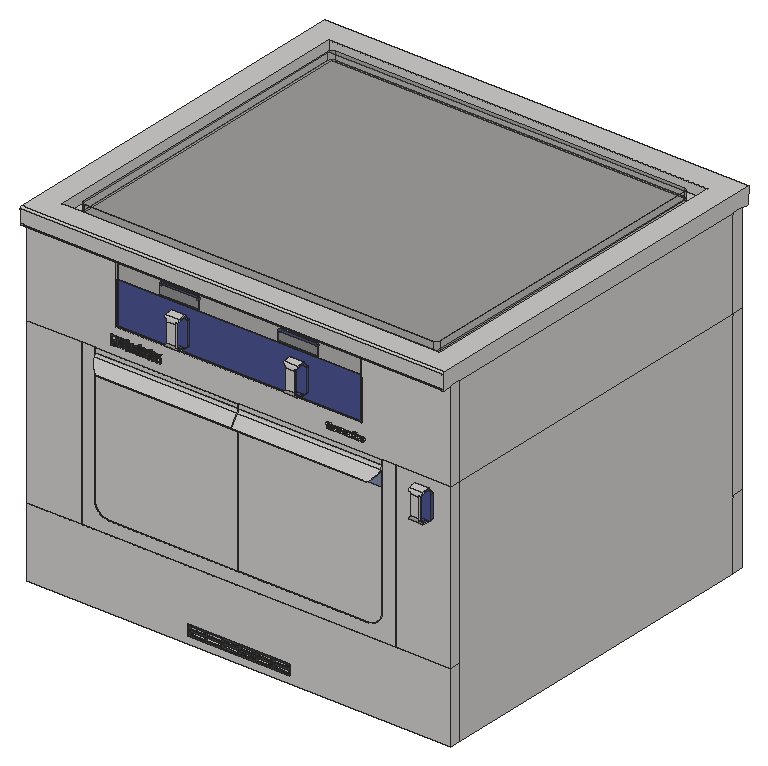
Revit family "QF_ELECTROLUXPROFESSIONAL_589676_MCIRFCJ4AO", category Attrezzature speciali, Revit 2020 (continued)
Definition of nested family "Front_Panel_W1000_2 Knobs"
  Definition of nested family "ELX_Professional_Logo_Small"
    Forms (mm)
      Extrusion 2, solid, material <- "Material_Logo"
        sketch origin (15.5, 0, 0) x (1, 0, 0) y (0, 1, 0)
          loop
            spline (-20.635, 1.669) -> (-20.584, 0.889) -> (-20.433, 0.149) -> (-20.19, -0.545) -> (-19.862, -1.187) -> (-19.455, -1.774) -> (-18.976, -2.299) -> (-18.43, -2.758) -> (-17.826, -3.145) -> (-17.169, -3.454) -> (-16.467, -3.682) -> (-15.725, -3.823) -> (-14.951, -3.871)
            spline (-14.951, -3.871) -> (-14.564, -3.86) -> (-14.184, -3.826) -> (-13.809, -3.77) -> (-13.44, -3.689) -> (-13.078, -3.583) -> (-12.723, -3.451) -> (-12.375, -3.292) -> (-12.035, -3.105) -> (-11.703, -2.89) -> (-11.38, -2.646) -> (-11.065, -2.371) -> (-10.76, -2.066)
            line (-10.76, -2.066) -> (-12.295, -0.468)
            spline (-12.295, -0.468) -> (-12.474, -0.643) -> (-12.659, -0.805) -> (-12.85, -0.953) -> (-13.048, -1.087) -> (-13.254, -1.206) -> (-13.467, -1.311) -> (-13.69, -1.4) -> (-13.921, -1.475) -> (-14.162, -1.533) -> (-14.414, -1.575) -> (-14.677, -1.6) -> (-14.951, -1.609)
            spline (-14.951, -1.609) -> (-15.398, -1.581) -> (-15.823, -1.497) -> (-16.223, -1.362) -> (-16.596, -1.179) -> (-16.937, -0.95) -> (-17.243, -0.678) -> (-17.512, -0.367) -> (-17.739, -0.02) -> (-17.921, 0.36) -> (-18.055, 0.771) -> (-18.138, 1.208) -> (-18.167, 1.669)
          loop
            spline (-4.441, -1.243) -> (-4.659, -1.247) -> (-4.894, -1.23) -> (-5.137, -1.19) -> (-5.384, -1.121) -> (-5.628, -1.021) -> (-5.864, -0.884) -> (-6.084, -0.708) -> (-6.283, -0.488) -> (-6.454, -0.219) -> (-6.592, 0.101) -> (-6.69, 0.478) -> (-6.742, 0.914)
            line (-6.742, 0.914) -> (-6.742, 4.587) -> (-4.487, 4.587) -> (-4.487, 6.838) -> (-6.738, 6.838) -> (-6.738, 10.824) -> (-9.217, 10.824) -> (-9.217, 0.773)
            spline (-9.217, 0.773) -> (-9.164, 0.19) -> (-9.068, -0.358) -> (-8.928, -0.87) -> (-8.742, -1.343) -> (-8.511, -1.777) -> (-8.232, -2.168) -> (-7.904, -2.515) -> (-7.527, -2.816) -> (-7.098, -3.069) -> (-6.618, -3.273) -> (-6.084, -3.426) -> (-5.496, -3.525)
            line (-5.496, -3.525) -> (-4.45, -3.573) -> (-4.441, -1.243)
          loop
            spline (3.898, 6.983) -> (3.469, 7.009) -> (3.056, 7.001) -> (2.661, 6.961) -> (2.283, 6.888) -> (1.925, 6.785) -> (1.588, 6.652) -> (1.272, 6.49) -> (0.979, 6.301) -> (0.71, 6.085) -> (0.465, 5.844) -> (0.247, 5.578) -> (0.056, 5.289)
            line (0.056, 5.289) -> (0.056, 6.838) -> (-2.402, 6.838) -> (-2.402, -3.572) -> (0.056, -3.572) -> (0.056, 1.901)
            spline (0.056, 1.901) -> (0.079, 2.316) -> (0.145, 2.703) -> (0.254, 3.06) -> (0.404, 3.386) -> (0.592, 3.679) -> (0.818, 3.938) -> (1.08, 4.162) -> (1.375, 4.348) -> (1.703, 4.495) -> (2.062, 4.602) -> (2.45, 4.668) -> (2.865, 4.69)
            line (2.865, 4.69) -> (3.898, 4.586) -> (3.898, 6.983)
          loop
            spline (15.638, 1.633) -> (15.586, 2.396) -> (15.435, 3.124) -> (15.192, 3.81) -> (14.863, 4.449) -> (14.455, 5.034) -> (13.975, 5.56) -> (13.43, 6.021) -> (12.826, 6.411) -> (12.17, 6.724) -> (11.469, 6.955) -> (10.729, 7.098) -> (9.958, 7.147)
            spline (9.958, 7.147) -> (9.182, 7.098) -> (8.44, 6.955) -> (7.737, 6.724) -> (7.081, 6.411) -> (6.477, 6.021) -> (5.933, 5.56) -> (5.454, 5.034) -> (5.048, 4.449) -> (4.721, 3.81) -> (4.479, 3.124) -> (4.329, 2.396) -> (4.277, 1.633)
            spline (4.277, 1.633) -> (4.329, 0.869) -> (4.479, 0.141) -> (4.721, -0.544) -> (5.048, -1.183) -> (5.454, -1.768) -> (5.933, -2.294) -> (6.477, -2.755) -> (7.081, -3.145) -> (7.737, -3.459) -> (8.44, -3.69) -> (9.182, -3.833) -> (9.958, -3.882)
            spline (9.958, -3.882) -> (10.729, -3.833) -> (11.469, -3.69) -> (12.17, -3.459) -> (12.826, -3.145) -> (13.43, -2.755) -> (13.975, -2.294) -> (14.455, -1.768) -> (14.863, -1.183) -> (15.192, -0.544) -> (15.435, 0.141) -> (15.586, 0.869) -> (15.638, 1.633)
          loop
            spline (13.18, 1.633) -> (13.151, 2.083) -> (13.067, 2.513) -> (12.932, 2.918) -> (12.748, 3.296) -> (12.52, 3.642) -> (12.251, 3.954) -> (11.943, 4.227) -> (11.601, 4.459) -> (11.228, 4.645) -> (10.828, 4.782) -> (10.403, 4.867) -> (9.958, 4.896)
            spline (9.958, 4.896) -> (9.509, 4.867) -> (9.081, 4.782) -> (8.679, 4.645) -> (8.306, 4.459) -> (7.964, 4.227) -> (7.658, 3.954) -> (7.39, 3.642) -> (7.163, 3.296) -> (6.981, 2.918) -> (6.847, 2.513) -> (6.765, 2.083) -> (6.736, 1.633)
            spline (6.736, 1.633) -> (6.765, 1.182) -> (6.847, 0.753) -> (6.981, 0.347) -> (7.163, -0.031) -> (7.39, -0.377) -> (7.658, -0.689) -> (7.964, -0.962) -> (8.306, -1.193) -> (8.679, -1.38) -> (9.081, -1.517) -> (9.509, -1.602) -> (9.958, -1.631)
            spline (9.958, -1.631) -> (10.403, -1.602) -> (10.828, -1.517) -> (11.228, -1.38) -> (11.601, -1.193) -> (11.943, -0.962) -> (12.251, -0.689) -> (12.52, -0.377) -> (12.748, -0.031) -> (12.932, 0.347) -> (13.067, 0.753) -> (13.151, 1.182) -> (13.18, 1.633)
          loop
            line (17.162, 4.269) -> (17.162, -3.573) -> (19.642, -3.573) -> (19.642, 10.824) -> (17.162, 10.824) -> (17.162, 4.269)
          loop
            line (28.581, 6.838) -> (28.581, 0.786)
            spline (28.581, 0.786) -> (28.561, 0.393) -> (28.503, 0.038) -> (28.409, -0.279) -> (28.281, -0.559) -> (28.122, -0.802) -> (27.933, -1.011) -> (27.717, -1.185) -> (27.476, -1.325) -> (27.213, -1.433) -> (26.929, -1.509) -> (26.626, -1.554) -> (26.308, -1.569)
            spline (26.308, -1.569) -> (25.99, -1.554) -> (25.688, -1.509) -> (25.404, -1.434) -> (25.141, -1.326) -> (24.9, -1.187) -> (24.684, -1.014) -> (24.496, -0.807) -> (24.336, -0.565) -> (24.209, -0.288) -> (24.115, 0.026) -> (24.057, 0.376) -> (24.037, 0.765)
            line (24.037, 0.765) -> (24.037, 6.838) -> (21.537, 6.838) -> (21.537, 0.558)
            spline (21.537, 0.558) -> (21.581, -0.153) -> (21.71, -0.8) -> (21.916, -1.384) -> (22.195, -1.904) -> (22.54, -2.362) -> (22.944, -2.757) -> (23.403, -3.09) -> (23.909, -3.362) -> (24.456, -3.572) -> (25.04, -3.722) -> (25.652, -3.811) -> (26.288, -3.841)
            spline (26.288, -3.841) -> (26.929, -3.811) -> (27.547, -3.72) -> (28.135, -3.568) -> (28.687, -3.355) -> (29.197, -3.079) -> (29.66, -2.741) -> (30.068, -2.341) -> (30.415, -1.877) -> (30.696, -1.349) -> (30.905, -0.757) -> (31.034, -0.101) -> (31.079, 0.621)
            line (31.079, 0.621) -> (31.079, 6.838) -> (28.581, 6.838)
          loop
            line (40.457, -0.243) -> (38.894, 1.942) -> (40.83, 4.579) -> (42.488, 6.837) -> (39.782, 6.837) -> (37.53, 3.719) -> (35.258, 6.837) -> (32.573, 6.837) -> (34.113, 4.731) -> (36.167, 1.922) -> (34.014, -1.076) -> (32.222, -3.573) -> (34.887, -3.573) -> (37.53, 0.104) -> (40.174, -3.573) -> (42.839, -3.573) -> (40.457, -0.243)
          loop
            line (-46.121, -5.837) -> (-48.039, -5.837) -> (-48.039, -10.814) -> (-47.016, -10.814) -> (-47.016, -9.128) -> (-46.121, -9.128)
            arc (-46.121, -9.128) -> (-44.476, -7.482) -> (-46.121, -5.837) r 1.645
          loop
            line (-46.163, -6.778) -> (-47.016, -6.778) -> (-47.016, -8.187) -> (-46.163, -8.187)
            arc (-46.163, -8.187) -> (-45.458, -7.482) -> (-46.163, -6.778) r 0.704
          loop
            line (-38.313, -5.837) -> (-40.265, -5.837) -> (-40.265, -10.814) -> (-39.241, -10.814) -> (-39.241, -9.1) -> (-38.46, -9.182) -> (-37.48, -10.814) -> (-36.318, -10.814) -> (-37.513, -8.848)
            arc (-37.513, -8.848) -> (-36.888, -8.266) -> (-36.671, -7.441) r 1.536
            arc (-36.671, -7.441) -> (-37.165, -6.305) -> (-38.313, -5.837) r 1.643
          loop
            arc (-38.402, -8.166) -> (-37.707, -7.505) -> (-38.334, -6.778) r 0.696
            line (-38.334, -6.778) -> (-39.241, -6.778) -> (-39.241, -8.166) -> (-38.402, -8.166)
          loop
            circle (-29.965, -8.325) r 2.585
          loop
            circle (-29.965, -8.325) r 1.64
          loop
            line (-23.1, -5.837) -> (-23.1, -10.814) -> (-22.076, -10.814) -> (-22.076, -8.768) -> (-20.204, -8.768) -> (-20.204, -7.828) -> (-22.076, -7.828) -> (-22.076, -6.778) -> (-20.024, -6.778) -> (-20.024, -5.837) -> (-23.1, -5.837)
          loop
            line (-15.802, -5.837) -> (-15.802, -9.2)
            arc (-15.802, -9.2) -> (-15.343, -10.34) -> (-14.209, -10.814) r 1.593
            line (-14.209, -10.814) -> (-12.602, -10.814) -> (-12.602, -10.027) -> (-14.004, -10.027)
            arc (-14.004, -10.027) -> (-14.552, -9.8) -> (-14.779, -9.252) r 0.775
            line (-14.779, -9.252) -> (-14.779, -8.424) -> (-12.789, -8.424) -> (-12.789, -7.642) -> (-14.779, -7.642) -> (-14.779, -6.778) -> (-12.651, -6.778) -> (-12.651, -5.837) -> (-15.802, -5.837)
          loop
            line (-5.909, -7.143) -> (-5.173, -6.638)
            arc (-5.173, -6.638) -> (-5.855, -5.974) -> (-6.781, -5.755) r 1.782
            arc (-6.781, -5.755) -> (-7.397, -5.878) -> (-7.944, -6.189) r 1.974
            arc (-7.944, -6.189) -> (-8.202, -6.5) -> (-8.317, -6.888) r 1.013
            arc (-8.317, -6.888) -> (-8.306, -7.341) -> (-8.192, -7.78) r 1.985
            arc (-8.192, -7.78) -> (-7.749, -8.259) -> (-7.171, -8.563) r 1.928
            arc (-7.171, -8.563) -> (-6.637, -8.779) -> (-6.131, -9.056) r 5.041
            arc (-6.131, -9.056) -> (-5.934, -9.387) -> (-6.09, -9.74) r 0.42
            arc (-6.09, -9.74) -> (-6.631, -9.96) -> (-7.204, -9.845) r 1.016
            arc (-7.204, -9.845) -> (-7.625, -9.603) -> (-7.889, -9.196) r 1.033
            line (-7.889, -9.196) -> (-8.67, -9.686)
            arc (-8.67, -9.686) -> (-8.361, -10.198) -> (-7.908, -10.589) r 1.914
            arc (-7.908, -10.589) -> (-7.334, -10.834) -> (-6.714, -10.896) r 2.063
            arc (-6.714, -10.896) -> (-5.947, -10.743) -> (-5.256, -10.376) r 2.696
            arc (-5.256, -10.376) -> (-4.95, -9.565) -> (-5.108, -8.712) r 1.618
            arc (-5.108, -8.712) -> (-5.448, -8.319) -> (-5.884, -8.035) r 1.876
            arc (-5.884, -8.035) -> (-6.434, -7.789) -> (-6.999, -7.577) r 9.883
            arc (-6.999, -7.577) -> (-7.325, -7.07) -> (-6.854, -6.694) r 0.45
            arc (-6.854, -6.694) -> (-6.329, -6.809) -> (-5.909, -7.143) r 1.197
          loop
            line (1.61, -7.143) -> (2.345, -6.638)
            arc (2.345, -6.638) -> (1.663, -5.974) -> (0.737, -5.755) r 1.782
            arc (0.737, -5.755) -> (0.121, -5.878) -> (-0.425, -6.189) r 1.974
            arc (-0.425, -6.189) -> (-0.683, -6.5) -> (-0.799, -6.888) r 1.013
            arc (-0.799, -6.888) -> (-0.788, -7.341) -> (-0.674, -7.78) r 1.985
            arc (-0.674, -7.78) -> (-0.231, -8.259) -> (0.347, -8.563) r 1.928
            arc (0.347, -8.563) -> (0.881, -8.779) -> (1.387, -9.056) r 5.041
            arc (1.387, -9.056) -> (1.584, -9.387) -> (1.428, -9.74) r 0.42
            arc (1.428, -9.74) -> (0.887, -9.96) -> (0.314, -9.845) r 1.016
            arc (0.314, -9.845) -> (-0.107, -9.603) -> (-0.371, -9.196) r 1.033
            line (-0.371, -9.196) -> (-1.152, -9.686)
            arc (-1.152, -9.686) -> (-0.842, -10.198) -> (-0.39, -10.589) r 1.914
            arc (-0.39, -10.589) -> (0.184, -10.834) -> (0.804, -10.896) r 2.063
            arc (0.804, -10.896) -> (1.572, -10.743) -> (2.263, -10.376) r 2.696
            arc (2.263, -10.376) -> (2.568, -9.565) -> (2.411, -8.712) r 1.618
            arc (2.411, -8.712) -> (2.07, -8.319) -> (1.635, -8.035) r 1.876
            arc (1.635, -8.035) -> (1.084, -7.789) -> (0.519, -7.577) r 9.883
            arc (0.519, -7.577) -> (0.193, -7.07) -> (0.665, -6.694) r 0.45
            arc (0.665, -6.694) -> (1.189, -6.809) -> (1.61, -7.143) r 1.197
          loop
            line (6.801, -5.837) -> (6.801, -10.814) -> (7.825, -10.814) -> (7.825, -5.837) -> (6.801, -5.837)
          loop
            circle (14.724, -8.325) r 1.548
          loop
            circle (14.724, -8.325) r 2.585
          loop
            line (21.59, -10.814) -> (22.623, -10.814) -> (22.623, -7.685) -> (24.9, -10.814) -> (25.895, -10.814) -> (25.895, -5.837) -> (24.861, -5.837) -> (24.861, -9.061) -> (22.585, -5.837) -> (21.59, -5.837) -> (21.59, -10.814)
          loop
            line (31.054, -10.814) -> (31.539, -9.74) -> (33.38, -9.74) -> (33.865, -10.814) -> (34.965, -10.814) -> (32.46, -5.837) -> (29.956, -10.814) -> (31.054, -10.814)
          loop
            line (32.46, -7.698) -> (31.999, -8.719) -> (32.921, -8.719) -> (32.46, -7.698)
          loop
            line (40.047, -9.873) -> (40.047, -5.837) -> (39.024, -5.837) -> (39.024, -10.814) -> (41.961, -10.814) -> (41.961, -9.873) -> (40.047, -9.873)
          loop
            line (-74.986, -10.814) -> (-53.322, -10.814) -> (-53.322, 10.82) -> (-74.986, 10.82) -> (-74.986, -10.814)
          loop
            line (-61.261, 9.758) -> (-61.261, -9.707)
            arc (-61.261, -9.707) -> (-54.066, 0.025) -> (-61.261, 9.758) r 10.18
          loop
            line (-62.251, 8.349) -> (-62.251, 9.758)
            arc (-62.251, 9.758) -> (-70.347, 7.918) -> (-74.247, 0.59) r 9.976
            line (-74.247, 0.59) -> (-71.026, 0.59)
            arc (-71.026, 0.59) -> (-65.274, 2.925) -> (-62.251, 8.349) r 9.351
          loop
            arc (-74.247, -0.539) -> (-70.353, -7.928) -> (-62.251, -9.957) r 10.237
            line (-62.251, -9.957) -> (-62.251, -8.298)
            arc (-62.251, -8.298) -> (-65.274, -2.874) -> (-71.026, -0.539) r 9.351
            line (-71.026, -0.539) -> (-74.247, -0.539)
        from 0 to 1.644
    Dimensions and locks
      aligned and locked: plane 2 to Extrusion 1
      aligned and locked: level to Extrusion 1
Definition of nested family "H450H2W1000_2DOOR"
  Parameters
    Width [instance] = 680 mm
    Wdoor [instance] = Width / 2  # 340 mm
    Show Clearance [instance] = yes
    Model = "727995"
    Height = 450 mm
    Default Elevation = 0 mm
  Reference planes
    plane 1 "Center (Front/Back)": y = 0
    plane 2: z = 0
    plane 3 "Center (Left/Right)": x = 36.042
    plane 4 "panel": z = 25
    plane 5: x = -303.958
    plane 6: x = 376.042
    plane 7: y = 450
    plane 8: z = 340
    plane 9: z = 45
  Forms (mm)
    Extrusion 1, solid
      sketch origin (0, -919.2, 0) x (1, 0, 0) y (0, 1, 0)
        loop
          line (-980.5, 2119.2) -> (-980.5, -162.846) -> (881.94, -162.846) -> (881.94, 2119.2) -> (-980.5, 2119.2)
      from 0 to -59.546
    Extrusion 2, solid
      sketch origin (0, 0, 0) x (1, 0, 0) y (0, 1, 0)
        loop
          line (374.042, 393) -> (37.042, 393) -> (37.042, 97) -> (344.042, 97)
          arc (344.042, 97) -> (365.255, 105.787) -> (374.042, 127) r 30
          line (374.042, 127) -> (374.042, 393)
        loop
          arc (-301.958, 127) -> (-293.171, 105.787) -> (-271.958, 97) r 30
          line (-271.958, 97) -> (35.042, 97) -> (35.042, 393) -> (-301.958, 393) -> (-301.958, 127)
      from 0 to 25
    Extrusion 3, solid
      sketch origin (0, 0, 0) x (1, 0, 0) y (0, 1, 0)
        loop
          line (-301.958, 393) -> (35.042, 393) -> (35.042, 440) -> (-301.958, 440) -> (-301.958, 393)
        loop
          line (37.042, 440) -> (37.042, 393) -> (374.042, 393) -> (374.042, 440) -> (37.042, 440)
      from 0 to 25
    Extrusion 4, solid
      sketch origin (5.581, 79.805, 0) x (1, 0, 0) y (0, 1, 0)
        loop
          line (-307.539, 360.195) -> (29.461, 360.195) -> (29.461, 370.195) -> (-307.539, 370.195) -> (-307.539, 360.195)
        loop
          line (31.461, 370.195) -> (31.461, 360.195) -> (368.461, 360.195) -> (368.461, 370.195) -> (31.461, 370.195)
      from 0 to 25
    Extrusion 5, solid
      sketch origin (36.042, 0, 0) x (0, 1, 0) y (0, 0, 1)
        loop
          line (426.693, 25) -> (440.02, 25)
          arc (440.02, 25) -> (435.261, 25.775) -> (430.993, 28.02) r 15
          line (430.993, 28.02) -> (406.653, 46.362) -> (403.644, 42.369) -> (426.693, 25)
      from 1 to 338
    Extrusion 6, solid
      sketch origin (36.042, 0, 0) x (0, 1, 0) y (0, 0, 1)
        loop
          line (426.693, 25) -> (440.02, 25)
          arc (440.02, 25) -> (435.261, 25.775) -> (430.993, 28.02) r 15
          line (430.993, 28.02) -> (406.653, 46.362) -> (403.644, 42.369) -> (426.693, 25)
      from -338 to -1
    Extrusion 7, void
      sketch origin (0, 0, 0) x (1, 0, 0) y (0, 1, 0)
        loop
          arc (374.042, 426.693) -> (364.508, 412.772) -> (350.317, 403.644) r 42.603
          line (350.317, 403.644) -> (374.042, 403.644) -> (374.042, 426.693)
      from 0 to 47.9
    Extrusion 8, void
      sketch origin (72.084, 0, 0) x (-1, 0, 0) y (0, -1, 0)
        loop
          line (374.042, -426.693) -> (374.042, -403.644) -> (350.317, -403.644)
          arc (350.317, -403.644) -> (364.508, -412.772) -> (374.042, -426.693) r 42.603
      from 0 to 47.9
    Extrusion 9, solid, detail levels coarse
      sketch origin (0, 0, 0) x (1, 0, 0) y (0, 0, 1)
        loop
          arc (36.231, 25) -> (-56.085, 247.873) -> (-278.958, 340.189) r 315.189
          line (-278.958, 340.189) -> (-278.958, 25) -> (36.231, 25)
      from -450 to -97
    Extrusion 10, solid, detail levels coarse
      sketch origin (0, 0, 0) x (1, 0, 0) y (0, 0, 1)
        loop
          arc (351.042, 340) -> (128.303, 247.739) -> (36.042, 25) r 315
          line (36.042, 25) -> (351.042, 25) -> (351.042, 340)
      from -450 to -97
  Cuts and joins
    Extrusion 8 cuts Extrusion 6
    Extrusion 7 cuts Extrusion 5
  Lines and regions (mm)
    symbolic lines
      curve 1: line (376.042, 0, 45) -> (376.042, 0, 340)
      curve 2: line (351.042, 0, 45) -> (351.042, 0, 340)
      curve 3: line (376.042, 0, 340) -> (351.042, 0, 340)
      curve 4: line (-303.958, 0, 45) -> (-303.958, 0, 340)
      curve 5: line (-278.958, 0, 45) -> (-278.958, 0, 340)
      curve 6: line (-303.958, 0, 340) -> (-278.958, 0, 340)
      curve 7: arc (351.042, 0, 340) -> (135.522, 0, 254.731) -> (36.683, 0, 45.088) r 315
      curve 8: arc (35.407, 0, 44.997) -> (-63.405, 0, 254.7) -> (-278.958, 0, 340) r 315
  Dimensions and locks
    plane 4 "panel" to level = 25 mm
    "Width": plane 5 to plane 6
    equal spacing: plane 5, plane 3 "Center (Left/Right)", plane 6
    "Height": plane 1 "Center (Front/Back)" to plane 7
    locked: plane 5 to Extrusion 2 sketch curve at 2
    locked: Extrusion 2 sketch curve to plane 6 at 2
    locked: plane 1 "Center (Front/Back)" to Extrusion 2 sketch curve at 97
    locked: plane 7 to Extrusion 2 sketch curve at 57
    locked: Extrusion 2 sketch curve to plane 3 "Center (Left/Right)" at 1
    locked: plane 3 "Center (Left/Right)" to Extrusion 2 sketch curve at 1
    Extrusion 3 sketch curve to Extrusion 2 = 47 mm
    "Wdoor": plane 8 to level
    locked: curve 2 to curve 1 at 25
    locked: curve 5 to curve 4 at 25
    plane 4 "panel" to plane 9 = 20 mm
    aligned and locked: plane 2 to Extrusion 1
    aligned and locked: level to Extrusion 1
    aligned and locked: plane 4 "panel" to Extrusion 2
    aligned and locked: Extrusion 2 to Extrusion 3 sketch curve
    aligned and locked: Extrusion 3 sketch curve to Extrusion 2  (x2)
    aligned and locked: Extrusion 3 sketch curve to Extrusion 3 sketch curve
    aligned and locked: plane 4 "panel" to Extrusion 3
    aligned and locked: Extrusion 4 sketch curve to Extrusion 4 sketch curve
    aligned and locked: Extrusion 4 sketch curve to Extrusion 3  (x3)
    aligned and locked: Extrusion 3 to Extrusion 4 sketch curve
    aligned and locked: Extrusion 4 sketch curve to plane 7
    aligned and locked: Extrusion 3 to Extrusion 5
    aligned and locked: Extrusion 5 to Extrusion 3
    aligned and locked: Extrusion 6 to Extrusion 3
    aligned and locked: Extrusion 3 to Extrusion 6
    aligned and locked: Extrusion 7 sketch curve to Extrusion 5
    aligned and locked: Extrusion 8 to Extrusion 6
    aligned and locked: Extrusion 4 to Extrusion 8
    aligned and locked: Extrusion 2 to Extrusion 7
    aligned and locked: Extrusion 7 to Extrusion 5
    aligned and locked: Extrusion 4 to Extrusion 3  (x2)
    aligned and locked: Extrusion 3 to Extrusion 2
    aligned and locked: Extrusion 4 to Extrusion 2
    aligned and locked: curve 3 to plane 8
    aligned and locked: curve 1 to plane 6
    aligned and locked: curve 4 to plane 5
    aligned and locked: Extrusion 9 sketch curve to plane 4 "panel"
    aligned and locked: Extrusion 10 sketch curve to curve 7
    aligned and locked: Extrusion 10 sketch curve to curve 2
    aligned and locked: Extrusion 2 to Extrusion 9
    aligned and locked: Extrusion 2 to Extrusion 10
    aligned and locked: plane 7 to Extrusion 9
    aligned and locked: Extrusion 3 to Extrusion 4
  Automatic sketch dimensions
    Extrusion 1 sketch curve to Extrusion 1 sketch curve = 1862.44 mm
    Extrusion 1 sketch curve to Extrusion 1 sketch curve = 2282.046 mm
    Extrusion 2 sketch curve to Extrusion 2 sketch curve = 30 mm  (x2)
    Extrusion 2 sketch curve to plane 1 "Center (Front/Back)" = 97 mm
    Extrusion 2 sketch curve to Extrusion 2 sketch curve = 0 mm
    Extrusion 3 sketch curve to plane 3 "Center (Left/Right)" = 1 mm
    plane 5 to Extrusion 3 sketch curve = 2 mm
    Extrusion 3 sketch curve to Extrusion 3 sketch curve = 0 mm
    Extrusion 5 sketch curve to plane 4 "panel" = 0 mm
    plane 4 "panel" to Extrusion 5 sketch curve = 17.369 mm
    Extrusion 5 sketch curve to plane 7 = 46.356 mm
    plane 4 "panel" to Extrusion 5 sketch curve = 21.362 mm
    Extrusion 5 sketch curve to Extrusion 5 sketch curve = 3.009 mm
    plane 4 "panel" to Extrusion 5 sketch curve = 3.02 mm
    Extrusion 5 sketch curve to Extrusion 5 sketch curve = 9.027 mm
    Extrusion 6 sketch curve to plane 4 "panel" = 0 mm
    plane 4 "panel" to Extrusion 6 sketch curve = 17.369 mm
    Extrusion 6 sketch curve to plane 7 = 46.356 mm
    plane 4 "panel" to Extrusion 6 sketch curve = 21.362 mm
    Extrusion 6 sketch curve to Extrusion 6 sketch curve = 3.009 mm
    plane 4 "panel" to Extrusion 6 sketch curve = 3.02 mm
    Extrusion 6 sketch curve to Extrusion 6 sketch curve = 9.027 mm
    Extrusion 7 sketch curve to Extrusion 7 sketch curve = 23.725 mm
    Extrusion 7 sketch curve to plane 7 = 6.671 mm
    Extrusion 7 sketch curve to plane 6 = 41.221 mm
    Extrusion 7 sketch curve to plane 7 = 23.307 mm
    plane 7 to Extrusion 8 sketch curve = 6.671 mm
    Extrusion 8 sketch curve to plane 5 = 41.221 mm
    Extrusion 8 sketch curve to plane 5 = 25.725 mm
    Extrusion 8 sketch curve to plane 5 = 2 mm
    plane 7 to Extrusion 8 sketch curve = 23.307 mm
    Extrusion 4 sketch curve to Extrusion 4 sketch curve = 10 mm
    Extrusion 4 sketch curve to plane 7 = 10 mm
    curve 2 to plane 9 = 0 mm
    curve 5 to plane 9 = 0 mm
    curve 4 to plane 9 = 0 mm
    curve 1 to plane 9 = 0 mm
    curve 8 to plane 4 "panel" = 0 mm
    curve 5 to plane 8 = 0 mm
    curve 8 to plane 9 = 0.003 mm
    curve 7 to plane 4 "panel" = 0 mm
    plane 9 to curve 7 = 0.088 mm
    plane 5 to Extrusion 9 sketch curve = 25 mm
    plane 3 "Center (Left/Right)" to Extrusion 9 sketch curve = 0.189 mm
Definition of nested family "Warm"
  Reference planes
    plane 1 "Center (Front/Back)": y = 0
    plane 2: z = 0
    plane 3 "Center (Left/Right)": x = 0
  Lines and regions (mm)
    detail lines, in view "Ref. Level"
      curve 1: circle (-165.742, 180.331, 0) r 45 normal (0, 0, 1)
      curve 2: line (-165.742, 125.331, 0) -> (-165.742, 80.331, 0)
      curve 3: line (-165.742, 235.331, 0) -> (-165.742, 280.331, 0)
      curve 4: line (-105.742, 180.331, 0) -> (-65.742, 180.331, 0)
      curve 5: line (-220.742, 180.331, 0) -> (-265.742, 180.331, 0)
      curve 6: line (-126.851, 141.44, 0) -> (-95.031, 109.62, 0)
      curve 7: line (-204.632, 219.221, 0) -> (-236.452, 251.041, 0)
      curve 8: line (-126.851, 219.221, 0) -> (-95.031, 251.041, 0)
      curve 9: line (-204.632, 141.44, 0) -> (-236.452, 109.62, 0)
